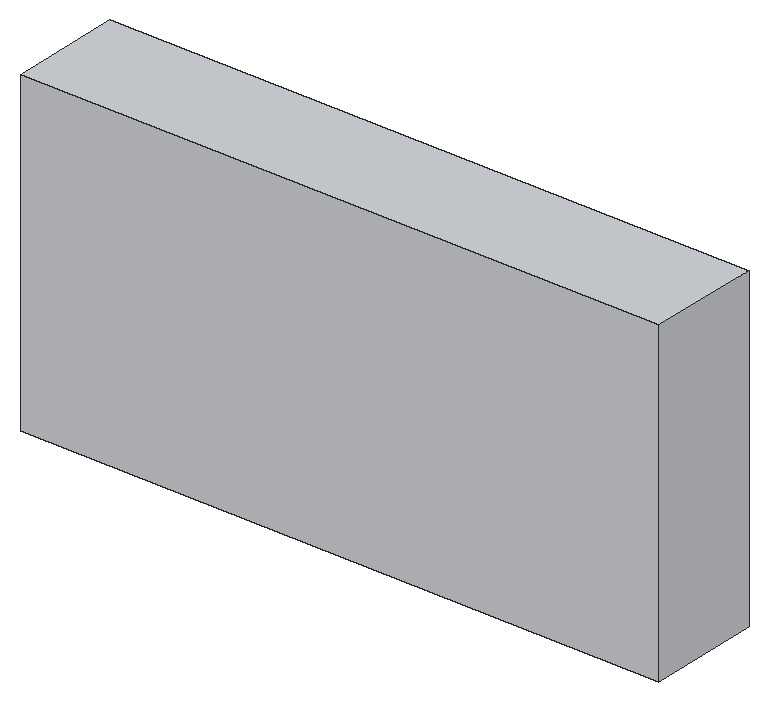
Revit family
Parameters
  Sign Thickness = 70 mm
  Height = 2200 mm
Reference planes
  plane 1 "Center (Front/Back)": y = -198
  plane 2: z = 0
  plane 3 "Center (Left/Right)": x = 0
  plane 4: z = 2200
  plane 5: y = -128
Forms (mm)
  Extrusion 1, solid
    sketch origin (0, -198, 0) x (1, 0, 0) y (0, 0, 1)
      loop
        line (200, 2100) -> (200, 2300) -> (-200, 2300) -> (-200, 2100) -> (200, 2100)
    from 0 to -70
Lines and regions (mm)
  model lines, style "Signage"
    curve 1: line (-186.667, -198, 2113.333) -> (-186.667, -198, 2286.667)
    curve 2: line (-186.667, -198, 2286.667) -> (186.667, -198, 2286.667)
    curve 3: line (186.667, -198, 2286.667) -> (186.667, -198, 2113.333)
    curve 4: line (186.667, -198, 2113.333) -> (-186.667, -198, 2113.333)
    curve 5: line (-161.521, -198, 2150.712) -> (-161.521, -198, 2162.191)
    curve 6: line (-161.521, -198, 2162.191) -> (-127.059, -198, 2162.191)
    curve 7: line (-112.277, -198, 2150.712) -> (-161.521, -198, 2150.712)
    curve 8: line (-112.277, -198, 2177.529) -> (-112.277, -198, 2150.712)
    curve 9: line (-87.618, -198, 2165.311) -> (-110.355, -198, 2177.529)
    curve 10: line (-87.618, -198, 2133.972) -> (-87.618, -198, 2165.311)
    curve 11: line (-74.498, -198, 2133.972) -> (-87.618, -198, 2133.972)
    curve 12: line (-74.498, -198, 2173.336) -> (-74.498, -198, 2133.972)
    curve 13: line (-100.728, -198, 2187.432) -> (-74.498, -198, 2173.336)
    curve 14: line (-87.703, -198, 2210.397) -> (-100.728, -198, 2187.432)
    curve 15: line (-87.703, -198, 2210.397) -> (-87.703, -198, 2196.317)
    curve 16: line (-46.399, -198, 2196.317) -> (-87.703, -198, 2196.317)
    curve 17: line (-46.399, -198, 2206.235) -> (-46.399, -198, 2196.317)
    curve 18: line (-46.399, -198, 2206.235) -> (-75.284, -198, 2206.235)
    curve 19: line (-75.284, -198, 2230.094) -> (-75.284, -198, 2206.235)
    curve 20: arc (-96.01, -198, 2240.796) -> (-87.517, -198, 2231.823) -> (-75.284, -198, 2230.094) r 18.724
    curve 21: line (-130.253, -198, 2240.796) -> (-96.01, -198, 2240.796)
    curve 22: line (-144.258, -198, 2214.764) -> (-130.253, -198, 2240.796)
    curve 23: line (-144.258, -198, 2214.764) -> (-144.258, -198, 2207.491)
    curve 24: line (-144.258, -198, 2207.491) -> (-134.668, -198, 2207.491)
    curve 25: line (-134.668, -198, 2207.491) -> (-122.065, -198, 2230.919)
    curve 26: line (-104.022, -198, 2230.919) -> (-122.065, -198, 2230.919)
    curve 27: line (-127.059, -198, 2190.3) -> (-104.022, -198, 2230.919)
    curve 28: line (-127.059, -198, 2162.191) -> (-127.059, -198, 2190.3)
    curve 29: arc (-63.758, -198, 2248.46) -> (-78.927, -198, 2263.629) -> (-94.095, -198, 2248.46) r 15.168
    curve 30: arc (-94.095, -198, 2248.46) -> (-78.927, -198, 2233.292) -> (-63.758, -198, 2248.46) r 15.168
    curve 31: line (96.822, -198, 2133.972) -> (96.822, -198, 2263.629)
    curve 32: line (96.822, -198, 2263.629) -> (166.312, -198, 2263.629)
    curve 33: line (166.312, -198, 2263.629) -> (166.312, -198, 2133.972)
    curve 34: line (166.312, -198, 2133.972) -> (96.822, -198, 2133.972)
    curve 35: line (-4.607, -198, 2158.545) -> (6.679, -198, 2158.545)
    curve 36: line (12.333, -198, 2136.371) -> (-4.607, -198, 2158.545)
    curve 37: line (29.274, -198, 2158.545) -> (12.333, -198, 2136.371)
    curve 38: line (17.988, -198, 2158.545) -> (29.274, -198, 2158.545)
    curve 39: line (17.988, -198, 2266.028) -> (17.988, -198, 2158.545)
    curve 40: line (6.679, -198, 2266.028) -> (17.988, -198, 2266.028)
    curve 41: line (6.679, -198, 2266.028) -> (6.679, -198, 2158.545)
  symbolic lines, style "2D Signage Placement Lines"
    curve 42: line (-150, -128, 0) -> (150, -128, 0)
    curve 43: line (0, -128, 0) -> (0, -278, 0)
Dimensions and locks
  "Height": plane 4 to level
  "Sign Thickness": plane 1 "Center (Front/Back)" to plane 5
  aligned and locked: plane 1 "Center (Front/Back)" to Extrusion 1
  aligned and locked: Extrusion 1 to plane 5
Automatic sketch dimensions
  plane 4 to Extrusion 1 sketch curve = 100 mm
  Extrusion 1 sketch curve to plane 3 "Center (Left/Right)" = 200 mm
  plane 3 "Center (Left/Right)" to Extrusion 1 sketch curve = 200 mm
  Extrusion 1 sketch curve to plane 4 = 100 mm
  curve 20 to curve 29 = 0 mm
  curve 20 to curve 30 = 0 mm
  plane 4 to curve 16 = 3.683 mm
  curve 16 to plane 3 "Center (Left/Right)" = 46.399 mm
  curve 30 to curve 17 = 17.359 mm
  curve 12 to curve 16 = 28.099 mm
  curve 20 to curve 29 = 11.526 mm
  curve 20 to curve 29 = 15.168 mm
  curve 10 to curve 12 = 13.121 mm
  curve 16 to curve 18 = 12.419 mm
  curve 20 to curve 29 = 1.915 mm
  plane 4 to curve 14 = 12.568 mm
  curve 14 to curve 15 = 13.025 mm
  curve 26 to curve 21 = 8.012 mm
  plane 4 to curve 9 = 22.471 mm
  curve 9 to curve 13 = 9.627 mm
  curve 8 to curve 9 = 1.922 mm
  curve 26 to curve 26 = 18.043 mm
  curve 6 to curve 7 = 14.782 mm
  curve 22 to plane 4 = 40.796 mm
  curve 22 to curve 25 = 8.188 mm
  curve 25 to plane 4 = 7.491 mm
  curve 25 to curve 27 = 7.609 mm
  curve 24 to curve 24 = 9.589 mm
  curve 5 to curve 6 = 34.462 mm
  curve 1 to curve 5 = 25.145 mm
  curve 31 to curve 34 = 69.49 mm
  curve 32 to curve 2 = 20.355 mm
  curve 13 to curve 15 = 22.98 mm
  curve 10 to curve 12 = 8.026 mm
  plane 4 to curve 5 = 37.809 mm
  curve 7 to curve 5 = 11.479 mm
  curve 10 to curve 7 = 16.74 mm
  plane 4 to curve 34 = 66.028 mm
  curve 1 to curve 5 = 37.379 mm
  curve 8 to curve 9 = 0 mm
  plane 4 to curve 27 = 9.7 mm
  curve 19 to plane 4 = 6.235 mm
  curve 14 to plane 4 = 10.397 mm
  curve 23 to curve 22 = 7.273 mm
  curve 14 to curve 20 = 19.697 mm
  curve 26 to curve 21 = 9.877 mm
  curve 33 to plane 4 = 63.629 mm
  curve 21 to curve 2 = 45.87 mm
  curve 35 to plane 3 "Center (Left/Right)" = 4.607 mm
  plane 3 "Center (Left/Right)" to curve 41 = 6.679 mm
  plane 3 "Center (Left/Right)" to curve 36 = 12.333 mm
  curve 35 to curve 39 = 11.309 mm
  curve 38 to curve 38 = 11.286 mm
  curve 37 to curve 31 = 67.549 mm
  plane 4 to curve 37 = 63.629 mm
  curve 36 to curve 35 = 22.174 mm
  curve 38 to curve 35 = 0 mm
  curve 40 to plane 4 = 66.028 mm
  curve 42 to plane 5 = 0 mm
  curve 43 to plane 3 "Center (Left/Right)" = 0 mm
  curve 42 to curve 43 = 150 mm
  plane 3 "Center (Left/Right)" to curve 42 = 150 mm
  plane 1 "Center (Front/Back)" to curve 43 = 80 mm
